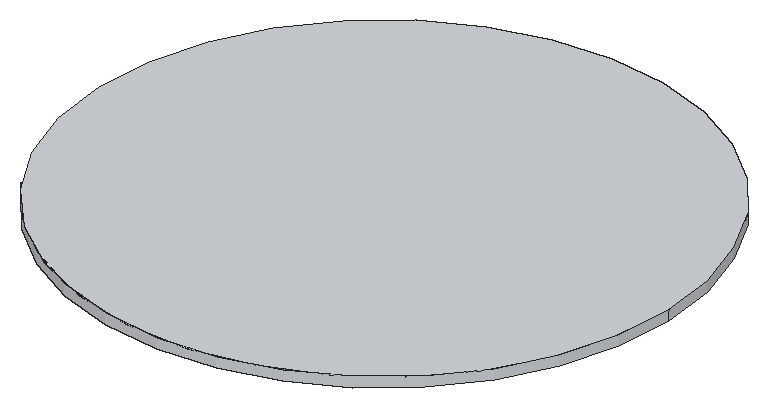
Revit family "CITY", category Lighting Fixtures, host Face, Revit 2023 (continued)
Types (10, lengths in mm): name | Radio | Photometric Web File | built-in parameter 1150142 | Manufacturer | LuxLight_Watios | LuxLight_Temperatura | LuxLight_Lumenes
  LISUP3084 | 1542 | "LISUP308401 .ies" | "IESNA:LM-63-2002\r\n[TEST] Viso  - serial: n/a sensor serial: n/a\r\n[TESTLAB] Viso  - serial: n/a sensor serial: n/a - Test lab\r\n[MANUFAC] LUXLIGHT\r\n[ISSUEDATE] 12/9/2025\r\n[LUMINAIRE] CITY ROUND 4000K 30W Ø300x55mm\r\n[LUMCAT] N/A\r\nTILT=NONE\r\n1 2340 1 181 17 1 2 -0.295 -0.295 0\r\n1.0 1.0 30.00\r\n0 1 2 3 4 5 6 7 8 9 10 11 12 13 14 15 16 17 18 19 20 21 22 23 24 25 26 27 28 29 30 31 32 33 34 35 36 37 38 39 40 41 42 43 44 45 46 47 48 49 50 51 52 53 54 55 56 57 58 59 60 61 62 63 64 65 66 67 68 69 70 71 72 73 74 75 76 77 78 79 80\r\n 81 82 83 84 85 86 87 88 89 90 91 92 93 94 95 96 97 98 99 100 101 102 103 104 105 106 107 108 109 110 111 112 113 114 115 116 117 118 119 120 121 122 123 124 125 126 127 128 129 130 131 132 133 134 135 136 137 138 139 140 141 142 143\r\n 144 145 146 147 148 149 150 151 152 153 154 155 156 157 158 159 160 161 162 163 164 165 166 167 168 169 170 171 172 173 174 175 176 177 178 179 180\r\n0 22.5 45 67.5 90 112.5 135 157.5 180 202.5 225 247.5 270 292.5 315 337.5 360 \r\n841.269409 840.497192 840.192993 839.490906 838.671936 837.572021 836.004211 834.249084 832.002625 829.70929 827.018127 823.788757 820.536072 817.072693 812.907288 808.812073 804.17865 799.545288 794.748047 788.968018 783.60907 777.782227\r\n 771.417114 764.981812 758.008301 751.479431 744.388855 736.221863 728.827148 720.964355 712.37616 704.373047 694.801941 685.932922 677.204346 666.954651 657.734619 648.046509 637.516052 627.664246 616.244446 605.924561 594.949463\r\n 582.780884 571.969604 560.386047 548.077087 536.072266 523.295349 510.939514 498.864563 485.549347 472.725555 459.082703 445.88446 432.592651 418.505188 405.423981 391.734344 377.249084 363.302032 348.746521 334.682495 321.13324 306.320343\r\n 292.045685 278.426239 262.747498 249.104675 234.05777 219.806503 206.210464 190.672119 177.076096 162.871628 147.286499 133.760666 118.947769 105.585747 91.779106 77.434227 63.931793 51.271805 37.745972 25.226383 12.659993 4.984434\r\n 3.159148 1.989093 1.427467 1.28706 1.240258 1.333862 1.357264 1.380665 1.474269 1.521071 1.544472 1.638077 1.661478 1.825285 1.895489 1.942291 2.035895 2.1295 2.176302 2.246505 2.34011 2.410313 2.527318 2.597522 2.667725 2.737928\r\n 2.878335 2.971939 3.065543 3.159148 3.20595 3.346357 3.41656 3.463362 3.533566 3.697373 3.744175 3.814378 3.978186 4.095191 4.118593 4.235599 4.282401 4.305802 4.399406 4.563214 4.633417 4.70362 4.844027 4.91423 4.984434 5.078038\r\n 5.148241 5.218445 5.288648 5.358851 5.405653 5.522659 5.54606 5.686467 5.803472 5.826873 5.873675 5.920477 6.014082 6.084285 6.154489 6.154489 6.224692 6.294895 6.365098 6.435301 6.458703 6.505505 6.505505 6.505505 6.505505 6.575708\r\n 6.575708 6.62251 6.739516 6.739516 6.762917 6.786318 6.83312 6.879922 6.856522 6.879922 6.903323 6.926725 6.926725 6.926725 6.926725 6.866759\r\n841.269409 840.754578 840.450378 839.77179 838.882507 837.501831 835.86377 834.108643 831.791931 829.428467 826.737366 823.507996 820.161682 816.581299 812.462708 808.227051 803.593689 798.936829 793.905579 788.078735 782.673096 776.846191\r\n 770.340698 763.905396 756.885071 750.122131 742.984802 734.841248 727.540039 719.396484 710.901917 702.758301 693.163879 684.131042 675.472595 665.620789 655.932678 646.127686 635.620605 625.230469 614.676636 603.935547 592.936951\r\n 580.791809 569.418884 558.396973 545.970947 534.036438 521.165833 508.810028 496.805298 482.951813 470.572632 456.461792 443.801788 431.048218 416.328888 403.317902 389.558044 375.119568 361.757538 346.546844 333.114594 318.95694\r\n 303.465424 289.799194 276.226532 260.501007 246.834763 231.179428 217.559998 203.963959 188.449036 174.876389 160.648529 145.274002 131.88858 117.145889 103.94767 90.141022 75.304726 62.387321 49.259308 35.967487 24.500948 13.338625\r\n 4.937631 3.182549 1.989093 1.450868 1.310461 1.28706 1.28706 1.357264 1.427467 1.450868 1.521071 1.567873 1.661478 1.661478 1.731681 1.825285 1.91889 1.989093 2.059297 2.106099 2.176302 2.246505 2.386912 2.480516 2.550719 2.737928\r\n 2.925137 3.018741 3.112346 3.229351 3.299555 3.369758 3.41656 3.486763 3.580368 3.62717 3.767576 3.814378 3.884582 3.954785 4.095191 4.188797 4.282401 4.376005 4.516412 4.633417 4.727021 4.844027 4.937631 5.007834 5.12484 5.195043\r\n 5.288648 5.33545 5.405653 5.522659 5.54606 5.663065 5.733268 5.733268 5.803472 5.897076 5.943879 6.037483 6.084285 6.154489 6.248093 6.248093 6.365098 6.365098 6.435301 6.458703 6.528906 6.575708 6.692714 6.716115 6.716115 6.809719\r\n 6.83312 6.809719 6.762917 6.692714 6.692714 6.739516 6.762917 6.786318 6.83312 6.856522 6.856522 6.856522 6.926725 6.879922 6.973526 6.903323 6.866759\r\n841.269409 841.386414 840.871582 840.122742 839.093079 837.782654 836.050964 834.225647 831.862122 829.358276 826.573486 823.180359 819.857361 816.089783 811.924438 807.525024 802.727783 798.187988 792.969543 787.376648 781.690247\r\n 775.65271 769.077026 762.828979 755.38739 748.671326 741.416931 733.460571 725.73822 717.594604 708.866028 700.74585 691.034363 682.399353 673.132568 663.233887 653.475647 644.044922 632.929443 623.054199 611.517395 601.150757 590.596863\r\n 577.726257 566.868164 555.190979 542.788452 530.78363 517.889709 506.001923 493.412109 480.050079 467.202881 452.975006 440.291626 427.538025 412.818756 399.807739 386.118103 371.609406 358.317596 343.106873 329.651245 315.540375\r\n 300.797699 286.616638 272.950378 257.388641 243.769211 228.815933 214.658249 201.109009 185.617493 172.208679 158.144623 143.448715 129.431458 114.899384 101.724571 88.01152 73.970863 60.655643 48.276463 35.125046 23.564905 12.870603\r\n 5.288648 3.41656 2.316709 1.70828 1.521071 1.521071 1.521071 1.614676 1.661478 1.755082 1.848687 1.778483 1.848687 1.91889 2.035895 2.106099 2.176302 2.176302 2.34011 2.410313 2.527318 2.597522 2.714527 2.925137 3.088945 3.159148\r\n 3.299555 3.369758 3.486763 3.556967 3.650571 3.744175 3.790978 3.861181 3.907983 3.907983 3.978186 4.04839 4.095191 4.188797 4.235599 4.282401 4.376005 4.469609 4.586615 4.680219 4.773824 4.867428 4.984434 5.054637 5.195043 5.288648\r\n 5.358851 5.475856 5.569461 5.616263 5.709867 5.733268 5.75667 5.803472 5.943879 6.014082 6.037483 6.131087 6.177889 6.294895 6.341697 6.388499 6.482104 6.528906 6.62251 6.645911 6.716115 6.739516 6.786318 6.856522 6.950126 6.973526\r\n 7.04373 7.04373 7.113933 7.113933 7.184137 7.184137 7.137334 7.04373 6.996928 7.04373 7.04373 7.067131 7.04373 7.067131 7.113933 7.137334 6.866759\r\n841.269409 841.620422 841.269409 840.380188 839.350525 837.946472 836.144592 834.038452 831.674927 829.077393 826.199097 822.805969 819.202209 815.598389 811.128845 806.893188 801.815125 797.041382 791.705933 785.949219 780.169189\r\n 774.295471 767.672974 761.003662 753.772766 746.658752 739.708679 731.331055 723.772522 715.60553 706.90033 698.124939 688.507019 679.755066 670.86261 660.472534 650.573853 641.14325 630.004333 620.035461 608.826294 597.89801 587.461121\r\n 575.035095 563.592041 552.429688 539.34845 527.858521 514.379517 502.444916 490.416779 476.329315 464.067139 449.815887 436.524048 423.723633 409.682983 396.063568 382.91214 368.356628 354.526611 339.90094 325.86026 311.726013 296.95993\r\n 282.732056 268.902008 252.848846 238.737991 223.363464 208.807983 194.931122 179.065186 165.352158 151.100876 136.264572 122.855751 107.457832 94.376625 81.669823 67.652565 55.90522 44.111069 32.340313 21.833221 11.887757 4.750422\r\n 3.088945 2.106099 1.567873 1.427467 1.427467 1.427467 1.49767 1.544472 1.591274 1.70828 1.731681 1.825285 1.872088 1.942291 1.989093 2.059297 2.1295 2.246505 2.410313 2.620923 2.78473 2.854934 2.948538 3.088945 3.159148 3.229351 3.346357\r\n 3.41656 3.486763 3.580368 3.720774 3.720774 3.83778 3.907983 3.978186 4.095191 4.165395 4.305802 4.352604 4.469609 4.539813 4.656818 4.70362 4.844027 4.867428 4.937631 5.007834 5.078038 5.148241 5.218445 5.265246 5.358851 5.429054\r\n 5.54606 5.54606 5.639664 5.686467 5.803472 5.897076 5.943879 6.014082 6.107686 6.177889 6.224692 6.294895 6.365098 6.435301 6.505505 6.575708 6.62251 6.692714 6.762917 6.786318 6.856522 6.903323 6.950126 6.996928 7.04373 7.113933\r\n 7.137334 7.184137 7.230938 7.25434 7.347944 7.277741 7.137334 7.067131 7.113933 7.137334 7.113933 7.113933 7.113933 7.137334 6.866759\r\n841.269409 843.515869 842.790466 841.760803 840.567383 838.835693 836.823181 834.717102 831.908997 829.264648 825.941711 822.384705 818.780945 814.826172 810.005554 805.512512 800.364258 795.286255 789.927368 783.749573 777.946045\r\n 771.627747 764.864807 757.93811 750.473145 743.078369 735.894287 727.610229 719.513489 711.276306 702.243469 693.444641 683.920471 674.630188 665.433594 654.762695 644.8172 635.082336 623.756226 613.670349 601.759216 591.252136 580.393982\r\n 567.921204 556.127075 543.70105 531.532532 519.855347 506.352905 493.716339 480.86911 467.202881 454.028076 440.198029 426.742401 413.848389 398.988678 385.228821 371.937012 356.281708 341.843231 326.562286 312.732239 298.129974 282.17041\r\n 267.521332 253.621094 237.614746 223.574066 207.544327 193.66748 179.18219 164.111893 149.790421 136.334793 121.147476 107.949257 93.042755 80.195557 67.044144 53.635315 41.724152 30.491629 20.07814 11.138922 4.235599 2.246505 1.357264\r\n 0.842439 0.748835 0.772236 0.842439 0.889242 0.889242 0.772236 0.842439 0.912643 0.959445 1.07645 1.123253 1.170055 1.357264 1.591274 1.661478 1.731681 1.801884 1.91889 1.965692 2.059297 2.1295 2.223104 2.316709 2.410313 2.480516\r\n 2.597522 2.691126 2.737928 2.854934 2.948538 2.99534 3.088945 3.229351 3.299555 3.41656 3.486763 3.556967 3.62717 3.697373 3.814378 3.907983 4.04839 4.095191 4.165395 4.188797 4.305802 4.376005 4.446208 4.539813 4.633417 4.727021\r\n 4.797225 4.867428 4.937631 4.984434 5.054637 5.12484 5.171642 5.241846 5.288648 5.358851 5.475856 5.522659 5.54606 5.592862 5.639664 5.709867 5.803472 5.897076 5.967279 5.990681 6.014082 6.131087 6.177889 6.248093 6.318296 6.294895\r\n 6.341697 6.388499 6.411901 6.435301 6.248093 6.177889 6.201291 6.224692 6.201291 6.294895 6.294895 6.341697 6.294895 6.248093 6.866759\r\n841.269409 840.988586 840.192993 839.093079 837.829468 836.308411 834.155457 832.026001 829.147644 826.339478 823.437744 819.64679 815.785583 812.018005 807.501648 802.797974 797.696533 792.735535 787.329895 781.034973 775.20813 769.240784\r\n 762.197083 755.270386 747.969238 740.855347 733.343567 724.731934 717.032959 708.678833 699.739563 690.940735 681.486694 672.2901 663.210449 652.539551 643.038757 632.976257 622.164978 611.587646 600.191345 589.216187 578.404907 565.932068\r\n 554.769775 541.828979 529.800842 518.123718 504.574463 491.914429 479.652252 465.494629 452.998413 438.489746 425.17453 412.210327 397.982452 383.59079 370.158539 354.549988 340.766754 324.830627 311.000549 296.398285 281.164185 266.515076\r\n 252.053207 236.725494 222.099808 206.725296 192.871826 178.456757 162.871628 149.252182 135.188126 120.609253 106.872803 92.621544 79.165909 66.69313 52.76947 40.858315 29.48538 19.446312 10.88151 4.165395 2.480516 1.638077 1.099851\r\n 0.959445 1.029648 1.099851 1.216857 1.07645 1.123253 1.216857 1.170055 1.28706 1.427467 1.661478 1.70828 1.778483 1.91889 1.989093 2.059297 2.152901 2.246505 2.316709 2.410313 2.527318 2.597522 2.667725 2.761329 2.854934 2.948538\r\n 3.042143 3.112346 3.229351 3.346357 3.41656 3.486763 3.533566 3.697373 3.790978 3.907983 3.978186 4.04839 4.04839 4.165395 4.235599 4.305802 4.376005 4.493011 4.586615 4.70362 4.727021 4.797225 4.867428 4.984434 5.054637 5.101439\r\n 5.195043 5.241846 5.312049 5.382252 5.475856 5.54606 5.569461 5.639664 5.709867 5.75667 5.826873 5.873675 5.943879 6.037483 6.060884 6.107686 6.177889 6.224692 6.248093 6.435301 6.435301 6.552307 6.62251 6.62251 6.669312 6.669312\r\n 6.552307 6.505505 6.552307 6.575708 6.62251 6.62251 6.575708 6.62251 6.528906 6.575708 6.575708 6.575708 6.575708 6.866759\r\n841.269409 839.958984 839.280334 838.18042 836.869995 835.161743 833.172607 831.043152 828.188232 825.567322 822.361328 818.780945 815.270813 811.362854 806.65918 802.283203 796.994568 792.173889 786.698059 780.800964 774.880493 768.889832\r\n 761.775879 755.364014 747.711853 740.621277 733.203186 724.989319 717.40741 709.099976 699.950195 691.642822 681.790894 672.945374 663.444458 653.358582 643.530151 633.982544 622.773376 612.219482 600.986938 590.503235 579.294189\r\n 566.82135 555.63562 543.279846 531.228333 519.644775 505.463684 493.10791 480.939331 466.828491 454.285461 439.753387 427.046631 413.450592 399.316315 385.533081 371.656219 357.100739 343.060089 327.66214 314.112915 300.282867 284.533936\r\n 269.955048 255.329361 240.071838 225.960983 209.931244 196.101181 181.615921 166.615814 152.364548 138.34729 123.113167 109.844742 95.429672 81.740028 69.080032 55.390392 44.111069 33.369965 22.067234 13.081213 5.054637 2.854934 1.872088\r\n 1.240258 1.07645 1.146654 1.240258 1.216857 1.240258 1.28706 1.357264 1.427467 1.661478 1.70828 1.778483 1.848687 1.942291 2.059297 2.106099 2.223104 2.269906 2.386912 2.480516 2.550719 2.667725 2.691126 2.737928 2.878335 2.971939\r\n 3.065543 3.135747 3.252752 3.346357 3.41656 3.486763 3.62717 3.650571 3.767576 3.83778 3.931384 4.04839 4.165395 4.235599 4.329203 4.399406 4.493011 4.610016 4.633417 4.680219 4.797225 4.91423 4.937631 5.054637 5.171642 5.195043 5.288648\r\n 5.358851 5.195043 5.265246 5.288648 5.382252 5.429054 5.54606 5.592862 5.663065 5.686467 5.75667 5.826873 5.897076 5.943879 5.990681 6.060884 6.084285 6.107686 6.177889 6.248093 6.341697 6.365098 6.365098 6.435301 6.458703 6.505505\r\n 6.528906 6.575708 6.575708 6.575708 6.62251 6.62251 6.692714 6.762917 6.83312 6.856522 6.856522 6.903323 6.786318 6.866759\r\n841.269409 839.818542 839.210083 838.110229 836.963562 835.372314 833.336487 831.183533 828.585999 825.80127 822.852783 819.108582 815.458008 811.667053 807.244263 802.727783 797.813538 792.524902 787.493652 781.315796 775.699524 769.498291\r\n 762.828979 756.13623 748.952087 741.674316 734.537048 726.557251 718.530701 710.340271 701.635071 693.023499 683.592834 674.372803 665.550598 655.043518 645.683044 635.690796 624.879517 614.48938 602.905884 592.42218 581.821472 569.395447\r\n 558.279968 545.456177 533.404541 521.844482 508.435608 495.892609 483.115631 469.660004 456.508606 442.701965 429.386719 416.445892 401.67984 388.083801 374.815338 359.581238 345.517181 330.868103 316.616821 303.161194 287.669678\r\n 274.073639 259.869171 244.260651 230.547607 215.594299 201.296234 187.770386 172.302277 158.308411 144.969788 129.759079 116.326851 101.77137 87.917923 74.321877 60.351425 48.065849 35.63987 23.611706 13.502432 4.797225 3.088945 1.989093\r\n 1.333862 1.146654 1.123253 1.216857 1.216857 1.310461 1.357264 1.404066 1.638077 1.731681 1.801884 1.848687 1.91889 1.989093 2.106099 2.176302 2.293308 2.363511 2.410313 2.480516 2.597522 2.667725 2.737928 2.831532 2.925137 3.018741\r\n 3.088945 3.182549 3.276154 3.299555 3.439961 3.533566 3.62717 3.697373 3.814378 3.884582 3.954785 4.04839 4.118593 4.235599 4.305802 4.399406 4.516412 4.610016 4.680219 4.797225 4.844027 4.984434 5.007834 5.078038 5.195043 5.288648\r\n 5.358851 5.429054 5.522659 5.592862 5.616263 5.709867 5.663065 5.616263 5.686467 5.803472 5.803472 5.873675 5.967279 6.014082 6.060884 6.154489 6.131087 6.201291 6.224692 6.294895 6.318296 6.365098 6.388499 6.505505 6.552307 6.575708\r\n 6.62251 6.669312 6.692714 6.762917 6.762917 6.809719 6.856522 6.903323 6.809719 6.856522 6.879922 6.879922 6.903323 6.879922 6.866759\r\n841.269409 840.263184 839.584534 838.554932 837.244446 835.86377 833.874634 831.674927 829.054016 826.316101 823.437744 819.71698 816.394043 812.696716 808.063232 803.593689 798.585815 793.74176 788.359497 782.649658 776.776001 770.995911\r\n 763.975586 757.633911 750.005127 742.891174 735.800659 727.797546 719.887939 712.118774 702.968933 694.73175 685.067078 676.26825 666.907837 656.587952 647.297729 637.703247 626.657959 616.244446 605.035339 594.083618 583.482971 571.595215\r\n 560.105225 547.328247 535.931885 523.856934 510.401337 497.928528 485.713165 471.766083 459.316711 444.925049 431.586426 418.786011 4
